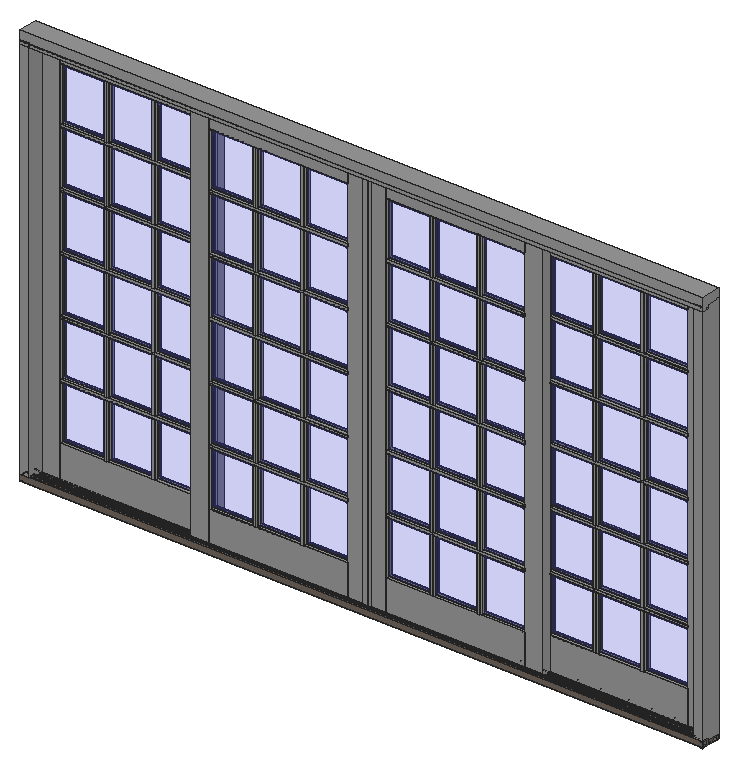
Revit family "VSDA3.6SPCO", category Doors, host Wall, Revit 2015 (continued)
Automatic sketch dimensions
  Sweep 22 sketch curve to Sweep 22 sketch curve = 284 mm
  Sweep 22 sketch curve to profile plane = 0 mm
  Sweep 22 sketch curve to profile plane = 0.241 mm
  Sweep 22 sketch curve to Sweep 22 sketch curve = 6.759 mm
  Sweep 22 sketch curve to Sweep 22 sketch curve = 2 mm  (x2)
  Sweep 22 sketch curve to profile plane = 132.5 mm
  Sweep 22 sketch curve to Sweep 22 sketch curve = 6 mm
  Sweep 23 sketch curve to plane 3 "Left" = 620.333 mm
  Sweep 23 sketch curve to Sweep 23 sketch curve = 233.167 mm
  plane 5 to Sweep 23 sketch curve = 735 mm
  Sweep 23 sketch curve to Sweep 23 sketch curve = 284 mm
  Sweep 23 sketch curve to profile plane = 0 mm
  Sweep 23 sketch curve to profile plane = 0.241 mm
  Sweep 23 sketch curve to Sweep 23 sketch curve = 6.759 mm
  Sweep 23 sketch curve to Sweep 23 sketch curve = 2 mm  (x2)
  Sweep 23 sketch curve to profile plane = 132.5 mm
  Sweep 23 sketch curve to Sweep 23 sketch curve = 6 mm
  Sweep 24 sketch curve to plane 3 "Left" = 866.5 mm
  Sweep 24 sketch curve to Sweep 24 sketch curve = 233.167 mm
  plane 5 to Sweep 24 sketch curve = 735 mm
  Sweep 24 sketch curve to Sweep 24 sketch curve = 284 mm
  Sweep 24 sketch curve to profile plane = 0 mm
  Sweep 24 sketch curve to profile plane = 0.241 mm
  Sweep 24 sketch curve to Sweep 24 sketch curve = 6.759 mm
  Sweep 24 sketch curve to Sweep 24 sketch curve = 2 mm  (x2)
  Sweep 24 sketch curve to profile plane = 132.5 mm
  Sweep 24 sketch curve to Sweep 24 sketch curve = 6 mm
  Sweep 25 sketch curve to plane 3 "Left" = 374.167 mm
  Sweep 25 sketch curve to plane 3 "Left" = 141 mm
  plane 5 to Sweep 25 sketch curve = 1032 mm
  Sweep 25 sketch curve to Sweep 25 sketch curve = 284 mm
  Sweep 25 sketch curve to profile plane = 0 mm
  Sweep 25 sketch curve to profile plane = 0.241 mm
  Sweep 25 sketch curve to Sweep 25 sketch curve = 6.759 mm
  Sweep 25 sketch curve to Sweep 25 sketch curve = 2 mm  (x2)
  Sweep 25 sketch curve to profile plane = 132.5 mm
  Sweep 25 sketch curve to Sweep 25 sketch curve = 6 mm
  Sweep 26 sketch curve to plane 3 "Left" = 620.333 mm
  Sweep 26 sketch curve to Sweep 26 sketch curve = 233.167 mm
  plane 5 to Sweep 26 sketch curve = 1032 mm
  Sweep 26 sketch curve to Sweep 26 sketch curve = 284 mm
  Sweep 26 sketch curve to profile plane = 0 mm
  Sweep 26 sketch curve to profile plane = 0.241 mm
  Sweep 26 sketch curve to Sweep 26 sketch curve = 6.759 mm
  Sweep 26 sketch curve to Sweep 26 sketch curve = 2 mm  (x2)
  Sweep 26 sketch curve to profile plane = 132.5 mm
  Sweep 26 sketch curve to Sweep 26 sketch curve = 6 mm
  Sweep 27 sketch curve to plane 3 "Left" = 866.5 mm
  Sweep 27 sketch curve to Sweep 27 sketch curve = 233.167 mm
  plane 5 to Sweep 27 sketch curve = 1032 mm
  Sweep 27 sketch curve to Sweep 27 sketch curve = 284 mm
  Sweep 27 sketch curve to profile plane = 0 mm
  Sweep 27 sketch curve to profile plane = 0.241 mm
  Sweep 27 sketch curve to Sweep 27 sketch curve = 6.759 mm
  Sweep 27 sketch curve to Sweep 27 sketch curve = 2 mm  (x2)
  Sweep 27 sketch curve to profile plane = 132.5 mm
  Sweep 27 sketch curve to Sweep 27 sketch curve = 6 mm
  Sweep 28 sketch curve to plane 3 "Left" = 374.167 mm
  Sweep 28 sketch curve to plane 3 "Left" = 141 mm
  level to Sweep 28 sketch curve = 771 mm
  Sweep 28 sketch curve to Sweep 28 sketch curve = 284 mm
  Sweep 28 sketch curve to profile plane = 0 mm
  Sweep 28 sketch curve to profile plane = 0.241 mm
  Sweep 28 sketch curve to Sweep 28 sketch curve = 6.759 mm
  Sweep 28 sketch curve to Sweep 28 sketch curve = 2 mm  (x2)
  Sweep 28 sketch curve to profile plane = 132.5 mm
  Sweep 28 sketch curve to Sweep 28 sketch curve = 6 mm
  Sweep 29 sketch curve to plane 3 "Left" = 620.333 mm
  Sweep 29 sketch curve to Sweep 29 sketch curve = 233.167 mm
  level to Sweep 29 sketch curve = 771 mm
  Sweep 29 sketch curve to Sweep 29 sketch curve = 284 mm
  Sweep 29 sketch curve to profile plane = 0 mm
  Sweep 29 sketch curve to profile plane = 0.241 mm
  Sweep 29 sketch curve to Sweep 29 sketch curve = 6.759 mm
  Sweep 29 sketch curve to Sweep 29 sketch curve = 2 mm  (x2)
  Sweep 29 sketch curve to profile plane = 132.5 mm
  Sweep 29 sketch curve to Sweep 29 sketch curve = 6 mm
  Sweep 30 sketch curve to plane 3 "Left" = 866.5 mm
  Sweep 30 sketch curve to Sweep 30 sketch curve = 233.167 mm
  level to Sweep 30 sketch curve = 771 mm
  Sweep 30 sketch curve to Sweep 30 sketch curve = 284 mm
  Sweep 30 sketch curve to profile plane = 0 mm
  Sweep 30 sketch curve to profile plane = 0.241 mm
  Sweep 30 sketch curve to Sweep 30 sketch curve = 6.759 mm
  Sweep 30 sketch curve to Sweep 30 sketch curve = 2 mm  (x2)
  Sweep 30 sketch curve to profile plane = 132.5 mm
  Sweep 30 sketch curve to Sweep 30 sketch curve = 6 mm
  Sweep 31 sketch curve to plane 3 "Left" = 374.167 mm
  Sweep 31 sketch curve to plane 3 "Left" = 141 mm
  level to Sweep 31 sketch curve = 474 mm
  level to Sweep 31 sketch curve = 190 mm
  Sweep 31 sketch curve to profile plane = 0 mm
  Sweep 31 sketch curve to profile plane = 0.241 mm
  Sweep 31 sketch curve to Sweep 31 sketch curve = 6.759 mm
  Sweep 31 sketch curve to Sweep 31 sketch curve = 2 mm  (x2)
  Sweep 31 sketch curve to profile plane = 132.5 mm
  Sweep 31 sketch curve to Sweep 31 sketch curve = 6 mm
  level to Sweep 32 sketch curve = 190 mm
  Sweep 32 sketch curve to plane 3 "Left" = 620.333 mm
  Sweep 32 sketch curve to Sweep 32 sketch curve = 233.167 mm
  Sweep 32 sketch curve to Sweep 32 sketch curve = 284 mm
  Sweep 32 sketch curve to profile plane = 0 mm
  Sweep 32 sketch curve to profile plane = 0.241 mm
  Sweep 32 sketch curve to Sweep 32 sketch curve = 6.759 mm
  Sweep 32 sketch curve to Sweep 32 sketch curve = 2 mm  (x2)
  Sweep 32 sketch curve to profile plane = 132.5 mm
  Sweep 32 sketch curve to Sweep 32 sketch curve = 6 mm
  level to Sweep 33 sketch curve = 190 mm
  Sweep 33 sketch curve to plane 3 "Left" = 866.5 mm
  Sweep 33 sketch curve to Sweep 33 sketch curve = 233.167 mm
  Sweep 33 sketch curve to Sweep 33 sketch curve = 284 mm
  Sweep 33 sketch curve to profile plane = 0 mm
  Sweep 33 sketch curve to profile plane = 0.241 mm
  Sweep 33 sketch curve to Sweep 33 sketch curve = 6.759 mm
  Sweep 33 sketch curve to Sweep 33 sketch curve = 2 mm  (x2)
  Sweep 33 sketch curve to profile plane = 132.5 mm
  Sweep 33 sketch curve to Sweep 33 sketch curve = 6 mm
  host wall to Extrusion 34 sketch curve = 15.5 mm  (x7)
  Extrusion 34 sketch curve to Extrusion 34 sketch curve = 2 mm  (x28)
  host wall to Extrusion 34 sketch curve = 7.5 mm  (x12)
  host wall to Extrusion 34 sketch curve = 6.697 mm  (x12)
  Extrusion 34 sketch curve to Extrusion 34 sketch curve = 1.197 mm  (x8)
  Extrusion 34 sketch curve to host wall = 24.5 mm  (x7)
  plane 5 to Extrusion 34 sketch curve = 45 mm
  Extrusion 34 sketch curve to Extrusion 34 sketch curve = 96 mm
  Extrusion 34 sketch curve to Extrusion 34 sketch curve = 0 mm  (x6)
  Extrusion 34 sketch curve to Extrusion 34 sketch curve = 0.241 mm  (x12)
  Extrusion 34 sketch curve to Extrusion 34 sketch curve = 266 mm  (x5)
  Extrusion 34 sketch curve to Extrusion 34 sketch curve = 6.759 mm  (x6)
  Extrusion 34 sketch curve to Extrusion 34 sketch curve = 13 mm  (x5)
  level to Extrusion 34 sketch curve = 199 mm
  level to Extrusion 34 sketch curve = 19 mm
  Extrusion 35 sketch curve to plane 2 "Center (Left/Right)" = 98 mm  (x2)
  Extrusion 35 sketch curve to Extrusion 35 sketch curve = 0 mm  (x32)
  Extrusion 35 sketch curve to Extrusion 35 sketch curve = 232.49 mm  (x3)
  Extrusion 35 sketch curve to Extrusion 35 sketch curve = 232.5 mm  (x5)
  Extrusion 35 sketch curve to Extrusion 35 sketch curve = 13 mm  (x19)
  Extrusion 35 sketch curve to Extrusion 35 sketch curve = 13.01 mm  (x2)
  plane 5 to Extrusion 35 sketch curve = 141 mm  (x2)
  Extrusion 35 sketch curve to Extrusion 35 sketch curve = 284 mm  (x6)
  level to Extrusion 35 sketch curve = 190.011 mm
  host wall to Extrusion 36 sketch curve = 7.5 mm
  Extrusion 36 sketch curve to plane 2 "Center (Left/Right)" = 321.5 mm
  Extrusion 36 sketch curve to Extrusion 36 sketch curve = 2 mm  (x10)
  Extrusion 36 sketch curve to Extrusion 36 sketch curve = 6.759 mm  (x4)
  Extrusion 36 sketch curve to Extrusion 36 sketch curve = 0.241 mm  (x6)
  Extrusion 36 sketch curve to Extrusion 36 sketch curve = 13 mm  (x3)
  Extrusion 36 sketch curve to Extrusion 36 sketch curve = 0 mm
  host wall to Extrusion 36 sketch curve = 5.5 mm  (x3)
  Extrusion 36 sketch curve to Extrusion 36 sketch curve = 214.5 mm
  Extrusion 36 sketch curve to host wall = 24.5 mm  (x2)
  Extrusion 36 sketch curve to Extrusion 36 sketch curve = 1.197 mm  (x4)
  Sweep 37 sketch curve to plane 2 "Center (Left/Right)" = 98 mm
  Sweep 37 sketch curve to Sweep 37 sketch curve = 232.5 mm
  plane 5 to Sweep 37 sketch curve = 141 mm
  Sweep 37 sketch curve to Sweep 37 sketch curve = 284 mm
  Sweep 37 sketch curve to profile plane = 0 mm
  Sweep 37 sketch curve to profile plane = 0.241 mm
  Sweep 37 sketch curve to Sweep 37 sketch curve = 6.759 mm
  Sweep 37 sketch curve to Sweep 37 sketch curve = 2 mm  (x2)
  Sweep 37 sketch curve to profile plane = 132.5 mm
  Sweep 37 sketch curve to Sweep 37 sketch curve = 6 mm
  Sweep 38 sketch curve to plane 2 "Center (Left/Right)" = 343.5 mm
  Sweep 38 sketch curve to Sweep 38 sketch curve = 232.5 mm
  plane 5 to Sweep 38 sketch curve = 141 mm
  Sweep 38 sketch curve to Sweep 38 sketch curve = 284 mm
  Sweep 38 sketch curve to profile plane = 0 mm
  Sweep 38 sketch curve to profile plane = 0.241 mm
  Sweep 38 sketch curve to Sweep 38 sketch curve = 6.759 mm
  Sweep 38 sketch curve to Sweep 38 sketch curve = 2 mm  (x2)
  Sweep 38 sketch curve to profile plane = 132.5 mm
  Sweep 38 sketch curve to Sweep 38 sketch curve = 6 mm
  Sweep 39 sketch curve to plane 2 "Center (Left/Right)" = 589 mm
  Sweep 39 sketch curve to Sweep 39 sketch curve = 232.5 mm
  plane 5 to Sweep 39 sketch curve = 141 mm
  Sweep 39 sketch curve to Sweep 39 sketch curve = 284 mm
  Sweep 39 sketch curve to profile plane = 0 mm
  Sweep 39 sketch curve to profile plane = 0.241 mm
  Sweep 39 sketch curve to Sweep 39 sketch curve = 6.759 mm
  Sweep 39 sketch curve to Sweep 39 sketch curve = 2 mm  (x2)
  Sweep 39 sketch curve to profile plane = 132.5 mm
  Sweep 39 sketch curve to Sweep 39 sketch curve = 6 mm
  host wall to Extrusion 40 sketch curve = 7.5 mm
  Extrusion 40 sketch curve to plane 2 "Center (Left/Right)" = 321.5 mm
  Extrusion 40 sketch curve to Extrusion 40 sketch curve = 2 mm  (x10)
  Extrusion 40 sketch curve to Extrusion 40 sketch curve = 6.759 mm  (x4)
  Extrusion 40 sketch curve to Extrusion 40 sketch curve = 0.241 mm  (x6)
  Extrusion 40 sketch curve to Extrusion 40 sketch curve = 13 mm  (x3)
  Extrusion 40 sketch curve to Extrusion 40 sketch curve = 0 mm
  host wall to Extrusion 40 sketch curve = 5.5 mm  (x3)
  Extrusion 40 sketch curve to Extrusion 40 sketch curve = 214.5 mm
  Extrusion 40 sketch curve to host wall = 24.5 mm  (x2)
  Extrusion 40 sketch curve to Extrusion 40 sketch curve = 1.197 mm  (x4)
  Sweep 41 sketch curve to plane 2 "Center (Left/Right)" = 98 mm
  Sweep 41 sketch curve to Sweep 41 sketch curve = 232.5 mm
  plane 5 to Sweep 41 sketch curve = 438 mm
  Sweep 41 sketch curve to Sweep 41 sketch curve = 284 mm
  Sweep 41 sketch curve to profile plane = 0 mm
  Sweep 41 sketch curve to profile plane = 0.241 mm
  Sweep 41 sketch curve to Sweep 41 sketch curve = 6.759 mm
  Sweep 41 sketch curve to Sweep 41 sketch curve = 2 mm  (x2)
  Sweep 41 sketch curve to profile plane = 132.5 mm
  Sweep 41 sketch curve to Sweep 41 sketch curve = 6 mm
  Sweep 42 sketch curve to plane 2 "Center (Left/Right)" = 343.5 mm
  Sweep 42 sketch curve to Sweep 42 sketch curve = 232.5 mm
  plane 5 to Sweep 42 sketch curve = 438 mm
  Sweep 42 sketch curve to Sweep 42 sketch curve = 284 mm
  Sweep 42 sketch curve to profile plane = 0 mm
  Sweep 42 sketch curve to profile plane = 0.241 mm
  Sweep 42 sketch curve to Sweep 42 sketch curve = 6.759 mm
  Sweep 42 sketch curve to Sweep 42 sketch curve = 2 mm  (x2)
  Sweep 42 sketch curve to profile plane = 132.5 mm
  Sweep 42 sketch curve to Sweep 42 sketch curve = 6 mm
  Sweep 43 sketch curve to plane 2 "Center (Left/Right)" = 589 mm
  Sweep 43 sketch curve to Sweep 43 sketch curve = 232.5 mm
  plane 5 to Sweep 43 sketch curve = 438 mm
  Sweep 43 sketch curve to Sweep 43 sketch curve = 284 mm
  Sweep 43 sketch curve to profile plane = 0 mm
  Sweep 43 sketch curve to profile plane = 0.241 mm
  Sweep 43 sketch curve to Sweep 43 sketch curve = 6.759 mm
  Sweep 43 sketch curve to Sweep 43 sketch curve = 2 mm  (x2)
  Sweep 43 sketch curve to profile plane = 132.5 mm
  Sweep 43 sketch curve to Sweep 43 sketch curve = 6 mm
  host wall to Extrusion 44 sketch curve = 7.5 mm
  Extrusion 44 sketch curve to plane 2 "Center (Left/Right)" = 321.5 mm
  Extrusion 44 sketch curve to Extrusion 44 sketch curve = 2 mm  (x10)
  Extrusion 44 sketch curve to Extrusion 44 sketch curve = 6.759 mm  (x4)
  Extrusion 44 sketch curve to Extrusion 44 sketch curve = 0.241 mm  (x6)
  Extrusion 44 sketch curve to Extrusion 44 sketch curve = 13 mm  (x3)
  Extrusion 44 sketch curve to Extrusion 44 sketch curve = 0 mm
  host wall to Extrusion 44 sketch curve = 5.5 mm  (x3)
  Extrusion 44 sketch curve to Extrusion 44 sketch curve = 214.5 mm
  Extrusion 44 sketch curve to host wall = 24.5 mm  (x2)
  Extrusion 44 sketch curve to Extrusion 44 sketch curve = 1.197 mm  (x4)
  Sweep 45 sketch curve to plane 2 "Center (Left/Right)" = 98 mm
  Sweep 45 sketch curve to Sweep 45 sketch curve = 232.5 mm
  plane 5 to Sweep 45 sketch curve = 735 mm
  Sweep 45 sketch curve to Sweep 45 sketch curve = 284 mm
  Sweep 45 sketch curve to profile plane = 0 mm
  Sweep 45 sketch curve to profile plane = 0.241 mm
  Sweep 45 sketch curve to Sweep 45 sketch curve = 6.759 mm
  Sweep 45 sketch curve to Sweep 45 sketch curve = 2 mm  (x2)
  Sweep 45 sketch curve to profile plane = 132.5 mm
  Sweep 45 sketch curve to Sweep 45 sketch curve = 6 mm
  Sweep 46 sketch curve to plane 2 "Center (Left/Right)" = 343.5 mm
  Sweep 46 sketch curve to Sweep 46 sketch curve = 232.5 mm
  plane 5 to Sweep 46 sketch curve = 735 mm
  Sweep 46 sketch curve to Sweep 46 sketch curve = 284 mm
  Sweep 46 sketch curve to profile plane = 0 mm
  Sweep 46 sketch curve to profile plane = 0.241 mm
  Sweep 46 sketch curve to Sweep 46 sketch curve = 6.759 mm
  Sweep 46 sketch curve to Sweep 46 sketch curve = 2 mm  (x2)
  Sweep 46 sketch curve to profile plane = 132.5 mm
  Sweep 46 sketch curve to Sweep 46 sketch curve = 6 mm
  Sweep 47 sketch curve to plane 2 "Center (Left/Right)" = 589 mm
  Sweep 47 sketch curve to Sweep 47 sketch curve = 232.5 mm
  plane 5 to Sweep 47 sketch curve = 735 mm
  Sweep 47 sketch curve to Sweep 47 sketch curve = 284 mm
  Sweep 47 sketch curve to profile plane = 0 mm
  Sweep 47 sketch curve to profile plane = 0.241 mm
  Sweep 47 sketch curve to Sweep 47 sketch curve = 6.759 mm
  Sweep 47 sketch curve to Sweep 47 sketch curve = 2 mm  (x2)
  Sweep 47 sketch curve to profile plane = 132.5 mm
  Sweep 47 sketch curve to Sweep 47 sketch curve = 6 mm
  host wall to Extrusion 48 sketch curve = 7.5 mm
  Extrusion 48 sketch curve to plane 2 "Center (Left/Right)" = 321.5 mm
  Extrusion 48 sketch curve to Extrusion 48 sketch curve = 2 mm  (x10)
  Extrusion 48 sketch curve to Extrusion 48 sketch curve = 6.759 mm  (x4)
  Extrusion 48 sketch curve to Extrusion 48 sketch curve = 0.241 mm  (x6)
  Extrusion 48 sketch curve to Extrusion 48 sketch curve = 13 mm  (x3)
  Extrusion 48 sketch curve to Extrusion 48 sketch curve = 0 mm
  host wall to Extrusion 48 sketch curve = 5.5 mm  (x3)
  Extrusion 48 sketch curve to Extrusion 48 sketch curve = 214.5 mm
  Extrusion 48 sketch curve to host wall = 24.5 mm  (x2)
  Extrusion 48 sketch curve to Extrusion 48 sketch curve = 1.197 mm  (x4)
  Sweep 49 sketch curve to plane 2 "Center (Left/Right)" = 98 mm
  Sweep 49 sketch curve to Sweep 49 sketch curve = 232.5 mm
  plane 5 to Sweep 49 sketch curve = 1032 mm
  Sweep 49 sketch curve to Sweep 49 sketch curve = 284 mm
  Sweep 49 sketch curve to profile plane = 0 mm
  Sweep 49 sketch curve to profile plane = 0.241 mm
  Sweep 49 sketch curve to Sweep 49 sketch curve = 6.759 mm
  Sweep 49 sketch curve to Sweep 49 sketch curve = 2 mm  (x2)
  Sweep 49 sketch curve to profile plane = 132.5 mm
  Sweep 49 sketch curve to Sweep 49 sketch curve = 6 mm
  Sweep 50 sketch curve to plane 2 "Center (Left/Right)" = 343.5 mm
  Sweep 50 sketch curve to Sweep 50 sketch curve = 232.5 mm
  plane 5 to Sweep 50 sketch curve = 1032 mm
  Sweep 50 sketch curve to Sweep 50 sketch curve = 284 mm
  Sweep 50 sketch curve to profile plane = 0 mm
  Sweep 50 sketch curve to profile plane = 0.241 mm
  Sweep 50 sketch curve to Sweep 50 sketch curve = 6.759 mm
  Sweep 50 sketch curve to Sweep 50 sketch curve = 2 mm  (x2)
  Sweep 50 sketch curve to profile plane = 132.5 mm
  Sweep 50 sketch curve to Sweep 50 sketch curve = 6 mm
  Sweep 51 sketch curve to plane 2 "Center (Left/Right)" = 589 mm
  Sweep 51 sketch curve to Sweep 51 sketch curve = 232.5 mm
  plane 5 to Sweep 51 sketch curve = 1032 mm
  Sweep 51 sketch curve to Sweep 51 sketch curve = 284 mm
  Sweep 51 sketch curve to profile plane = 0 mm
  Sweep 51 sketch curve to profile plane = 0.241 mm
  Sweep 51 sketch curve to Sweep 51 sketch curve = 6.759 mm
  Sweep 51 sketch curve to Sweep 51 sketch curve = 2 mm  (x2)
  Sweep 51 sketch curve to profile plane = 132.5 mm
  Sweep 51 sketch curve to Sweep 51 sketch curve = 6 mm
  host wall to Extrusion 52 sketch curve = 7.5 mm
  Extrusion 52 sketch curve to plane 2 "Center (Left/Right)" = 321.5 mm
  Extrusion 52 sketch curve to Extrusion 52 sketch curve = 2 mm  (x10)
  Extrusion 52 sketch curve to Extrusion 52 sketch curve = 6.759 mm  (x4)
  Extrusion 52 sketch curve to Extrusion 52 sketch curve = 0.241 mm  (x6)
  Extrusion 52 sketch curve to Extrusion 52 sketch curve = 13 mm  (x3)
  Extrusion 52 sketch curve to Extrusion 52 sketch curve = 0 mm
  host wall to Extrusion 52 sketch curve = 5.5 mm  (x3)
  Extrusion 52 sketch curve to Extrusion 52 sketch curve = 214.5 mm
  Extrusion 52 sketch curve to host wall = 24.5 mm  (x2)
  Extrusion 52 sketch curve to Extrusion 52 sketch curve = 1.197 mm  (x4)
  Sweep 53 sketch curve to plane 2 "Center (Left/Right)" = 98 mm
  Sweep 53 sketch curve to Sweep 53 sketch curve = 232.5 mm
  level to Sweep 53 sketch curve = 771 mm
  Sweep 53 sketch curve to Sweep 53 sketch curve = 284 mm
  Sweep 53 sketch curve to profile plane = 0 mm
  Sweep 53 sketch curve to profile plane = 0.241 mm
  Sweep 53 sketch curve to Sweep 53 sketch curve = 6.759 mm
  Sweep 53 sketch curve to Sweep 53 sketch curve = 2 mm  (x2)
  Sweep 53 sketch curve to profile plane = 132.5 mm
  Sweep 53 sketch curve to Sweep 53 sketch curve = 6 mm
  Sweep 54 sketch curve to plane 2 "Center (Left/Right)" = 343.5 mm
  Sweep 54 sketch curve to Sweep 54 sketch curve = 232.5 mm
  level to Sweep 54 sketch curve = 771 mm
  Sweep 54 sketch curve to Sweep 54 sketch curve = 284 mm
  Sweep 54 sketch curve to profile plane = 0 mm
  Sweep 54 sketch curve to profile plane = 0.241 mm
  Sweep 54 sketch curve to Sweep 54 sketch curve = 6.759 mm
  Sweep 54 sketch curve to Sweep 54 sketch curve = 2 mm  (x2)
  Sweep 54 sketch curve to profile plane = 132.5 mm
  Sweep 54 sketch curve to Sweep 54 sketch curve = 6 mm
  Sweep 55 sketch curve to plane 2 "Center (Left/Right)" = 589 mm
  Sweep 55 sketch curve to Sweep 55 sketch curve = 232.5 mm
  level to Sweep 55 sketch curve = 771 mm
  Sweep 55 sketch curve to Sweep 55 sketch curve = 284 mm
  Sweep 55 sketch curve to profile plane = 0 mm
  Sweep 55 sketch curve to profile plane = 0.241 mm
  Sweep 55 sketch curve to Sweep 55 sketch curve = 6.759 mm
  Sweep 55 sketch curve to Sweep 55 sketch curve = 2 mm  (x2)
  Sweep 55 sketch curve to profile plane = 132.5 mm
  Sweep 55 sketch curve to Sweep 55 sketch curve = 6 mm
  host wall to Extrusion 56 sketch curve = 7.5 mm
  Extrusion 56 sketch curve to plane 2 "Center (Left/Right)" = 321.5 mm
  Extrusion 56 sketch curve to Extrusion 56 sketch curve = 2 mm  (x10)
  Extrusion 56 sketch curve to Extrusion 56 sketch curve = 6.759 mm  (x4)
  Extrusion 56 sketch curve to Extrusion 56 sketch curve = 0.241 mm  (x6)
  Extrusion 56 sketch curve to Extrusion 56 sketch curve = 13 mm  (x3)
  Extrusion 56 sketch curve to Extrusion 56 sketch curve = 0 mm
  host wall to Extrusion 56 sketch curve = 5.5 mm  (x3)
  Extrusion 56 sketch curve to Extrusion 56 sketch curve = 214.5 mm
  Extrusion 56 sketch curve to host wall = 24.5 mm  (x2)
  Extrusion 56 sketch curve to Extrusion 56 sketch curve = 1.197 mm  (x4)
  Sweep 57 sketch curve to plane 2 "Center (Left/Right)" = 98 mm
  Sweep 57 sketch curve to Sweep 57 sketch curve = 232.5 mm
  level to Sweep 57 sketch curve = 474 mm
  level to Sweep 57 sketch curve = 190 mm
  Sweep 57 sketch curve to profile plane = 0 mm
  Sweep 57 sketch curve to profile plane = 0.241 mm
  Sweep 57 sketch curve to Sweep 57 sketch curve = 6.759 mm
  Sweep 57 sketch curve to Sweep 57 sketch curve = 2 mm  (x2)
  Sweep 57 sketch curve to profile plane = 132.5 mm
  Sweep 57 sketch curve to Sweep 57 sketch curve = 6 mm
  Sweep 58 sketch curve to plane 2 "Center (Left/Right)" = 343.5 mm
  Sweep 58 sketch curve to Sweep 58 sketch curve = 232.5 mm
  level to Sweep 58 sketch curve = 474 mm
  level to Sweep 58 sketch curve = 190 mm
  Sweep 58 sketch curve to profile plane = 0 mm
  Sweep 58 sketch curve to profile plane = 0.241 mm
  Sweep 58 sketch curve to Sweep 58 sketch curve = 6.759 mm
  Sweep 58 sketch curve to Sweep 58 sketch curve = 2 mm  (x2)
  Sweep 58 sketch curve to profile plane = 132.5 mm
  Sweep 58 sketch curve to Sweep 58 sketch curve = 6 mm
  level to Sweep 59 sketch curve = 190 mm
  Sweep 59 sketch curve to plane 2 "Center (Left/Right)" = 589 mm
  Sweep 59 sketch curve to Sweep 59 sketch curve = 232.5 mm
  Sweep 59 sketch curve to Sweep 59 sketch curve = 284 mm
  Sweep 59 sketch curve to profile plane = 0 mm
  Sweep 59 sketch curve to profile plane = 0.241 mm
  Sweep 59 sketch curve to Sweep 59 sketch curve = 6.759 mm
  Sweep 59 sketch curve to Sweep 59 sketch curve = 2 mm  (x2)
  Sweep 59 sketch curve to profile plane = 132.5 mm
  Sweep 59 sketch curve to Sweep 59 sketch curve = 6 mm
  Extrusion 60 sketch curve to host wall = 31 mm  (x7)
  Extrusion 60 sketch curve to Extrusion 60 sketch curve = 2 mm  (x28)
  Extrusion 60 sketch curve to Extrusion 60 sketch curve = 6 mm  (x12)
  Extrusion 60 sketch curve to Extrusion 60 sketch curve = 0.803 mm  (x8)
  Extrusion 60 sketch curve to Extrusion 60 sketch curve = 6.803 mm  (x4)
  Extrusion 60 sketch curve to Extrusion 60 sketch curve = 1.197 mm  (x8)
  Extrusion 60 sketch curve to host wall = 4 mm  (x7)
  level to Extrusion 60 sketch curve = 19 mm
  Extrusion 60 sketch curve to Extrusion 60 sketch curve = 171 mm
  Extrusion 60 sketch curve to Extrusion 60 sketch curve = 0 mm  (x4)
  Extrusion 60 sketch curve to Extrusion 60 sketch curve = 0.241 mm  (x12)
  Extrusion 60 sketch curve to Extrusion 60 sketch curve = 266 mm  (x5)
  Extrusion 60 sketch curve to Extrusion 60 sketch curve = 6.759 mm  (x6)
  Extrusion 60 sketch curve to Extrusion 60 sketch curve = 13 mm  (x7)
  plane 5 to Extrusion 60 sketch curve = 150 mm
  plane 5 to Extrusion 60 sketch curve = 45 mm
  plane 4 "Right" to Sweep 61 sketch curve = 374.167 mm
  plane 4 "Right" to Sweep 61 sketch curve = 141 mm
  Sweep 61 sketch curve to Sweep 61 sketch curve = 284 mm
  profile plane to Sweep 61 sketch curve = 0 mm
  profile plane to Sweep 61 sketch curve = 0.241 mm
  Sweep 61 sketch curve to Sweep 61 sketch curve = 6.759 mm
  Sweep 61 sketch curve to Sweep 61 sketch curve = 2 mm  (x2)
  Sweep 61 sketch curve to profile plane = 132.5 mm
  Sweep 61 sketch curve to Sweep 61 sketch curve = 6 mm
  level to Extrusion 62 sketch curve = 190 mm  (x3)
  plane 4 "Right" to Extrusion 62 sketch curve = 866.5 mm
  Extrusion 62 sketch curve to Extrusion 62 sketch curve = 0 mm  (x24)
  plane 5 to Extrusion 62 sketch curve = 141 mm
  Extrusion 62 sketch curve to Extrusion 62 sketch curve = 233.167 mm  (x6)
  Extrusion 62 sketch curve to Extrusion 62 sketch curve = 13 mm  (x19)
  plane 4 "Right" to Extrusion 62 sketch curve = 141.01 mm  (x3)
  Extrusion 62 sketch curve to Extrusion 62 sketch curve = 283.988 mm  (x5)
  Extrusion 62 sketch curve to Extrusion 62 sketch curve = 0.012 mm  (x5)
  Extrusion 62 sketch curve to Extrusion 62 sketch curve = 13.012 mm  (x4)
  plane 5 to Extrusion 62 sketch curve = 141.012 mm
  Extrusion 63 sketch curve to host wall = 34 mm  (x2)
  plane 4 "Right" to Extrusion 63 sketch curve = 642.333 mm
  Extrusion 63 sketch curve to Extrusion 63 sketch curve = 2 mm  (x9)
  Extrusion 63 sketch curve to Extrusion 63 sketch curve = 6.759 mm  (x4)
  Extrusion 63 sketch curve to Extrusion 63 sketch curve = 0.241 mm  (x6)
  Extrusion 63 sketch curve to host wall = 4 mm  (x2)
  Extrusion 63 sketch curve to Extrusion 63 sketch curve = 13 mm  (x3)
  Extrusion 63 sketch curve to Extrusion 63 sketch curve = 215.167 mm
  Extrusion 63 sketch curve to Extrusion 63 sketch curve = 0 mm  (x2)
  Extrusion 63 sketch curve to Extrusion 63 sketch curve = 1.197 mm  (x5)
  Extrusion 63 sketch curve to Extrusion 63 sketch curve = 0.803 mm
  Extrusion 64 sketch curve to host wall = 34 mm  (x2)
  plane 4 "Right" to Extrusion 64 sketch curve = 642.333 mm
  Extrusion 64 sketch curve to Extrusion 64 sketch curve = 2 mm  (x9)
  Extrusion 64 sketch curve to Extrusion 64 sketch curve = 6.759 mm  (x4)
  Extrusion 64 sketch curve to Extrusion 64 sketch curve = 0.241 mm  (x6)
  Extrusion 64 sketch curve to host wall = 4 mm  (x2)
  Extrusion 64 sketch curve to Extrusion 64 sketch curve = 13 mm  (x3)
  Extrusion 64 sketch curve to Extrusion 64 sketch curve = 215.167 mm
  Extrusion 64 sketch curve to Extrusion 64 sketch curve = 0 mm  (x2)
  Extrusion 64 sketch curve to Extrusion 64 sketch curve = 1.197 mm  (x5)
  Extrusion 64 sketch curve to Extrusion 64 sketch curve = 0.803 mm
  Extrusion 65 sketch curve to host wall = 34 mm  (x2)
  plane 4 "Right" to Extrusion 65 sketch curve = 642.333 mm
  Extrusion 65 sketch curve to Extrusion 65 sketch curve = 2 mm  (x9)
  Extrusion 65 sketch curve to Extrusion 65 sketch curve = 6.759 mm  (x4)
  Extrusion 65 sketch curve to Extrusion 65 sketch curve = 0.241 mm  (x6)
  Extrusion 65 sketch curve to host wall = 4 mm  (x2)
  Extrusion 65 sketch curve to Extrusion 65 sketch curve = 13 mm  (x3)
  Extrusion 65 sketch curve to Extrusion 65 sketch curve = 215.167 mm
  Extrusion 65 sketch curve to Extrusion 65 sketch curve = 0 mm  (x2)
  Extrusion 65 sketch curve to Extrusion 65 sketch curve = 1.197 mm  (x5)
  Extrusion 65 sketch curve to Extrusion 65 sketch curve = 0.803 mm
  Extrusion 66 sketch curve to host wall = 34 mm  (x2)
  plane 4 "Right" to Extrusion 66 sketch curve = 642.333 mm
  Extrusion 66 sketch curve to Extrusion 66 sketch curve = 2 mm  (x9)
  Extrusion 66 sketch curve to Extrusion 66 sketch curve = 6.759 mm  (x4)
  Extrusion 66 sketch curve to Extrusion 66 sketch curve = 0.241 mm  (x6)
  Extrusion 66 sketch curve to host wall = 4 mm  (x2)
  Extrusion 66 sketch curve to Extrusion 66 sketch curve = 13 mm  (x3)
  Extrusion 66 sketch curve to Extrusion 66 sketch curve = 215.167 mm
  Extrusion 66 sketch curve to Extrusion 66 sketch curve = 0 mm  (x2)
  Extrusion 66 sketch curve to Extrusion 66 sketch curve = 1.197 mm  (x5)
  Extrusion 66 sketch curve to Extrusion 66 sketch curve = 0.803 mm
  Extrusion 67 sketch curve to host wall = 34 mm  (x2)
  plane 4 "Right" to Extrusion 67 sketch curve = 642.333 mm
  Extrusion 67 sketch curve to Extrusion 67 sketch curve = 2 mm  (x9)
  Extrusion 67 sketch curve to Extrusion 67 sketch curve = 6.759 mm  (x4)
  Extrusion 67 sketch curve to Extrusion 67 sketch curve = 0.241 mm  (x6)
  Extrusion 67 sketch curve to host wall = 4 mm  (x2)
  Extrusion 67 sketch curve to Extrusion 67 sketch curve = 13 mm  (x3)
  Extrusion 67 sketch curve to Extrusion 67 sketch curve = 215.167 mm
  Extrusion 67 sketch curve to Extrusion 67 sketch curve = 0 mm  (x2)
  Extrusion 67 sketch curve to Extrusion 67 sketch curve = 1.197 mm  (x5)
  Extrusion 67 sketch curve to Extrusion 67 sketch curve = 0.803 mm
  Extrusion 68 sketch curve to host wall = 34 mm  (x2)
  plane 4 "Right" to Extrusion 68 sketch curve = 642.333 mm
  Extrusion 68 sketch curve to Extrusion 68 sketch curve = 2 mm  (x9)
  Extrusion 68 sketch curve to Extrusion 68 sketch curve = 6.759 mm  (x4)
  Extrusion 68 sketch curve to Extrusion 68 sketch curve = 0.241 mm  (x6)
  Extrusion 68 sketch curve to host wall = 4 mm  (x2)
  Extrusion 68 sketch curve to Extrusion 68 sketch curve = 13 mm  (x3)
  Extrusion 68 sketch curve to Extrusion 68 sketch curve = 215.167 mm
  Extrusion 68 sketch curve to Extrusion 68 sketch curve = 0 mm  (x2)
  Extrusion 68 sketch curve to Extrusion 68 sketch curve = 1.197 mm  (x5)
  Extrusion 68 sketch curve to Extrusion 68 sketch curve = 0.803 mm
  plane 4 "Right" to Sweep 69 sketch curve = 620.333 mm
  Sweep 69 sketch curve to Sweep 69 sketch curve = 233.167 mm
  plane 5 to Sweep 69 sketch curve = 425 mm
  plane 5 to Sweep 69 sketch curve = 141 mm
  profile plane to Sweep 69 sketch curve = 0 mm
  profile plane to Sweep 69 sketch curve = 0.241 mm
  Sweep 69 sketch curve to Sweep 69 sketch curve = 6.759 mm
  Sweep 69 sketch curve to Sweep 69 sketch curve = 2 mm  (x2)
  Sweep 69 sketch curve to profile plane = 132.5 mm
  Sweep 69 sketch curve to Sweep 69 sketch curve = 6 mm
  plane 5 to Sweep 70 sketch curve = 425 mm
  plane 4 "Right" to Sweep 70 sketch curve = 866.5 mm
  Sweep 70 sketch curve to Sweep 70 sketch curve = 233.167 mm
  plane 5 to Sweep 70 sketch curve = 141 mm
  profile plane to Sweep 70 sketch curve = 0 mm
  profile plane to Sweep 70 sketch curve = 0.241 mm
  Sweep 70 sketch curve to Sweep 70 sketch curve = 6.759 mm
  Sweep 70 sketch curve to Sweep 70 sketch curve = 2 mm  (x2)
  Sweep 70 sketch curve to profile plane = 132.5 mm
  Sweep 70 sketch curve to Sweep 70 sketch curve = 6 mm
  plane 4 "Right" to Sweep 71 sketch curve = 374.167 mm
  plane 4 "Right" to Sweep 71 sketch curve = 141 mm
  plane 5 to Sweep 71 sketch curve = 722 mm
  Sweep 71 sketch curve to Sweep 71 sketch curve = 284 mm
  profile plane to Sweep 71 sketch curve = 0 mm
  profile plane to Sweep 71 sketch curve = 0.241 mm
  Sweep 71 sketch curve to Sweep 71 sketch curve = 6.759 mm
  Sweep 71 sketch curve to Sweep 71 sketch curve = 2 mm  (x2)
  Sweep 71 sketch curve to profile plane = 132.5 mm
  Sweep 71 sketch curve to Sweep 71 sketch curve = 6 mm
  plane 4 "Right" to Sweep 72 sketch curve = 620.333 mm
  Sweep 72 sketch curve to Sweep 72 sketch curve = 233.167 mm
  plane 5 to Sweep 72 sketch curve = 722 mm
  Sweep 72 sketch curve to Sweep 72 sketch curve = 284 mm
  profile plane to Sweep 72 sketch curve = 0 mm
  profile plane to Sweep 72 sketch curve = 0.241 mm
  Sweep 72 sketch curve to Sweep 72 sketch curve = 6.759 mm
  Sweep 72 sketch curve to Sweep 72 sketch curve = 2 mm  (x2)
  Sweep 72 sketch curve to profile plane = 132.5 mm
  Sweep 72 sketch curve to Sweep 72 sketch curve = 6 mm
  plane 4 "Right" to Sweep 73 sketch curve = 866.5 mm
  Sweep 73 sketch curve to Sweep 73 sketch curve = 233.167 mm
  plane 5 to Sweep 73 sketch curve = 722 mm
  Sweep 73 sketch curve to Sweep 73 sketch curve = 284 mm
  profile plane to Sweep 73 sketch curve = 0 mm
  profile plane to Sweep 73 sketch curve = 0.241 mm
  Sweep 73 sketch curve to Sweep 73 sketch curve = 6.759 mm
  Sweep 73 sketch curve to Sweep 73 sketch curve = 2 mm  (x2)
  Sweep 73 sketch curve to profile plane = 132.5 mm
  Sweep 73 sketch curve to Sweep 73 sketch curve = 6 mm
  plane 4 "Right" to Sweep 74 sketch curve = 374.167 mm
  plane 4 "Right" to Sweep 74 sketch curve = 141 mm
  plane 5 to Sweep 74 sketch curve = 1019 mm
  Sweep 74 sketch curve to Sweep 74 sketch curve = 284 mm
  profile plane to Sweep 74 sketch curve = 0 mm
  profile plane to Sweep 74 sketch curve = 0.241 mm
  Sweep 74 sketch curve to Sweep 74 sketch curve = 6.759 mm
  Sweep 74 sketch curve to Sweep 74 sketch curve = 2 mm  (x2)
  Sweep 74 sketch curve to profile plane = 132.5 mm
  Sweep 74 sketch curve to Sweep 74 sketch curve = 6 mm
  plane 4 "Right" to Sweep 75 sketch curve = 620.333 mm
  Sweep 75 sketch curve to Sweep 75 sketch curve = 233.167 mm
  plane 5 to Sweep 75 sketch curve = 1019 mm
  Sweep 75 sketch curve to Sweep 75 sketch curve = 284 mm
  profile plane to Sweep 75 sketch curve = 0 mm
  profile plane to Sweep 75 sketch curve = 0.241 mm
  Sweep 75 sketch curve to Sweep 75 sketch curve = 6.759 mm
  Sweep 75 sketch curve to Sweep 75 sketch curve = 2 mm  (x2)
  Sweep 75 sketch curve to profile plane = 132.5 mm
  Sweep 75 sketch curve to Sweep 75 sketch curve = 6 mm
  plane 4 "Right" to Sweep 76 sketch curve = 866.5 mm
  Sweep 76 sketch curve to Sweep 76 sketch curve = 233.167 mm
  plane 5 to Sweep 76 sketch curve = 1019 mm
  Sweep 76 sketch curve to Sweep 76 sketch curve = 284 mm
  profile plane to Sweep 76 sketch curve = 0 mm
  profile plane to Sweep 76 sketch curve = 0.241 mm
  Sweep 76 sketch curve to Sweep 76 sketch curve = 6.759 mm
  Sweep 76 sketch curve to Sweep 76 sketch curve = 2 mm  (x2)
  Sweep 76 sketch curve to profile plane = 132.5 mm
  Sweep 76 sketch curve to Sweep 76 sketch curve = 6 mm
  plane 4 "Right" to Sweep 77 sketch curve = 374.167 mm
  plane 4 "Right" to Sweep 77 sketch curve = 141 mm
  level to Sweep 77 sketch curve = 784 mm
  Sweep 77 sketch curve to Sweep 77 sketch curve = 284 mm
  profile plane to Sweep 77 sketch curve = 0 mm
  profile plane to Sweep 77 sketch curve = 0.241 mm
  Sweep 77 sketch curve to Sweep 77 sketch curve = 6.759 mm
  Sweep 77 sketch curve to Sweep 77 sketch curve = 2 mm  (x2)
  Sweep 77 sketch curve to profile plane = 132.5 mm
  Sweep 77 sketch curve to Sweep 77 sketch curve = 6 mm
  plane 4 "Right" to Sweep 78 sketch curve = 620.333 mm
  Sweep 78 sketch curve to Sweep 78 sketch curve = 233.167 mm
  level to Sweep 78 sketch curve = 784 mm
  Sweep 78 sketch curve to Sweep 78 sketch curve = 284 mm
  profile plane to Sweep 78 sketch curve = 0 mm
  profile plane to Sweep 78 sketch curve = 0.241 mm
  Sweep 78 sketch curve to Sweep 78 sketch curve = 6.759 mm
  Sweep 78 sketch curve to Sweep 78 sketch curve = 2 mm  (x2)
  Sweep 78 sketch curve to profile plane = 132.5 mm
  Sweep 78 sketch curve to Sweep 78 sketch curve = 6 mm
  plane 4 "Right" to Sweep 79 sketch curve = 866.5 mm
  Sweep 79 sketch curve to Sweep 79 sketch curve = 233.167 mm
  level to Sweep 79 sketch curve = 784 mm
  Sweep 79 sketch curve to Sweep 79 sketch curve = 284 mm
  profile plane to Sweep 79 sketch curve = 0 mm
  profile plane to Sweep 79 sketch curve = 0.241 mm
  Sweep 79 sketch curve to Sweep 79 sketch curve = 6.759 mm
  Sweep 79 sketch curve to Sweep 79 sketch curve = 2 mm  (x2)
  Sweep 79 sketch curve to profile plane = 132.5 mm
  Sweep 79 sketch curve to Sweep 79 sketch curve = 6 mm
  plane 4 "Right" to Sweep 80 sketch curve = 374.167 mm
  plane 4 "Right" to Sweep 80 sketch curve = 141 mm
  level to Sweep 80 sketch curve = 487 mm
  Sweep 80 sketch curve to Sweep 80 sketch curve = 284 mm
  profile plane to Sweep 80 sketch curve = 0 mm
  profile plane to Sweep 80 sketch curve = 0.241 mm
  Sweep 80 sketch curve to Sweep 80 sketch curve = 6.759 mm
  Sweep 80 sketch curve to Sweep 80 sketch curve = 2 mm  (x2)
  Sweep 80 sketch curve to profile plane = 132.5 mm
  Sweep 80 sketch curve to Sweep 80 sketch curve = 6 mm
  plane 4 "Right" to Sweep 81 sketch curve = 620.333 mm
  Sweep 81 sketch curve to Sweep 81 sketch curve = 233.167 mm
  level to Sweep 81 sketch curve = 487 mm
  Sweep 81 sketch curve to Sweep 81 sketch curve = 284 mm
  profile plane to Sweep 81 sketch curve = 0 mm
  profile plane to Sweep 81 sketch curve = 0.241 mm
  Sweep 81 sketch curve to Sweep 81 sketch curve = 6.759 mm
  Sweep 81 sketch curve to Sweep 81 sketch curve = 2 mm  (x2)
  Sweep 81 sketch curve to profile plane = 132.5 mm
  Sweep 81 sketch curve to Sweep 81 sketch curve = 6 mm
  plane 4 "Right" to Sweep 82 sketch curve = 866.5 mm
  Sweep 82 sketch curve to Sweep 82 sketch curve = 233.167 mm
  level to Sweep 82 sketch curve = 487 mm
  Sweep 82 sketch curve to Sweep 82 sketch curve = 284 mm
  profile plane to Sweep 82 sketch curve = 0 mm
  profile plane to Sweep 82 sketch curve = 0.241 mm
  Sweep 82 sketch curve to Sweep 82 sketch curve = 6.759 mm
  Sweep 82 sketch curve to Sweep 82 sketch curve = 2 mm  (x2)
  Sweep 82 sketch curve to profile plane = 132.5 mm
  Sweep 82 sketch curve to Sweep 82 sketch curve = 6 mm
  plane 4 "Right" to Sweep 83 sketch curve = 374.167 mm
  plane 4 "Right" to Sweep 83 sketch curve = 141 mm
  level to Sweep 83 sketch curve = 190 mm
  Sweep 83 sketch curve to Sweep 83 sketch curve = 284 mm
  profile plane to Sweep 83 sketch curve = 0 mm
  profile plane to Sweep 83 sketch curve = 0.241 mm
  Sweep 83 sketch curve to Sweep 83 sketch curve = 6.759 mm
  Sweep 83 sketch curve to Sweep 83 sketch curve = 2 mm  (x2)
  Sweep 83 sketch curve to profile plane = 132.5 mm
  Sweep 83 sketch curve to Sweep 83 sketch curve = 6 mm
  level to Sweep 84 sketch curve = 190 mm
  plane 4 "Right" to Sweep 84 sketch curve = 620.333 mm
  Sweep 84 sketch curve to Sweep 84 sketch curve = 233.167 mm
  Sweep 84 sketch curve to Sweep 84 sketch curve = 284 mm
  profile plane to Sweep 84 sketch curve = 0 mm
  profile plane to Sweep 84 sketch curve = 0.241 mm
  Sweep 84 sketch curve to Sweep 84 sketch curve = 6.759 mm
  Sweep 84 sketch curve to Sweep 84 sketch curve = 2 mm  (x2)
  Sweep 84 sketch curve to profile plane = 132.5 mm
  Sweep 84 sketch curve to Sweep 84 sketch curve = 6 mm
  level to Sweep 85 sketch curve = 190 mm
  plane 4 "Right" to Sweep 85 sketch curve = 866.5 mm
  Sweep 85 sketch curve to Sweep 85 sketch curve = 233.167 mm
  Sweep 85 sketch curve to Sweep 85 sketch curve = 284 mm
  profile plane to Sweep 85 sketch curve = 0 mm
  profile plane to Sweep 85 sketch curve = 0.241 mm
  Sweep 85 sketch curve to Sweep 85 sketch curve = 6.759 mm
  Sweep 85 sketch curve to Sweep 85 sketch curve = 2 mm  (x2)
  Sweep 85 sketch curve to profile plane = 132.5 mm
  Sweep 85 sketch curve to Sweep 85 sketch curve = 6 mm
  host wall to Extrusion 86 sketch curve = 15.5 mm  (x7)
  Extrusion 86 sketch curve to Extrusion 86 sketch curve = 2 mm  (x28)
  host wall to Extrusion 86 sketch curve = 7.5 mm  (x12)
  host wall to Extrusion 86 sketch curve = 6.697 mm  (x12)
  Extrusion 86 sketch curve to Extrusion 86 sketch curve = 1.197 mm  (x8)
  Extrusion 86 sketch curve to host wall = 24.5 mm  (x7)
  level to Extrusion 86 sketch curve = 19 mm
  Extrusion 86 sketch curve to Extrusion 86 sketch curve = 171 mm
  Extrusion 86 sketch curve to Extrusion 86 sketch curve = 0 mm  (x4)
  Extrusion 86 sketch curve to Extrusion 86 sketch curve = 0.241 mm  (x12)
  Extrusion 86 sketch curve to Extrusion 86 sketch curve = 266 mm  (x5)
  Extrusion 86 sketch curve to Extrusion 86 sketch curve = 6.759 mm  (x6)
  Extrusion 86 sketch curve to Extrusion 86 sketch curve = 13 mm  (x7)
  plane 5 to Extrusion 86 sketch curve = 150 mm
  plane 5 to Extrusion 86 sketch curve = 45 mm
  plane 2 "Center (Left/Right)" to Extrusion 87 sketch curve = 98 mm  (x2)
  Extrusion 87 sketch curve to Extrusion 87 sketch curve = 0 mm  (x36)
  Extrusion 87 sketch curve to Extrusion 87 sketch curve = 232.49 mm  (x3)
  Extrusion 87 sketch curve to Extrusion 87 sketch curve = 232.5 mm  (x5)
  Extrusion 87 sketch curve to Extrusion 87 sketch curve = 13 mm  (x15)
  Extrusion 87 sketch curve to Extrusion 87 sketch curve = 13.01 mm  (x2)
  level to Extrusion 87 sketch curve = 190.011 mm  (x2)
  Extrusion 87 sketch curve to Extrusion 87 sketch curve = 283.989 mm
  Extrusion 87 sketch curve to Extrusion 87 sketch curve = 284 mm  (x5)
  plane 5 to Extrusion 87 sketch curve = 141 mm
  host wall to Extrusion 88 sketch curve = 7.5 mm  (x3)
  plane 2 "Center (Left/Right)" to Extrusion 88 sketch curve = 321.5 mm
  Extrusion 88 sketch curve to Extrusion 88 sketch curve = 2 mm  (x8)
  Extrusion 88 sketch curve to Extrusion 88 sketch curve = 6.759 mm  (x4)
  Extrusion 88 sketch curve to Extrusion 88 sketch curve = 0.241 mm  (x6)
  Extrusion 88 sketch curve to Extrusion 88 sketch curve = 13 mm  (x3)
  Extrusion 88 sketch curve to Extrusion 88 sketch curve = 0 mm  (x2)
  host wall to Extrusion 88 sketch curve = 5.5 mm
  Extrusion 88 sketch curve to Extrusion 88 sketch curve = 214.5 mm
  Extrusion 88 sketch curve to Extrusion 88 sketch curve = 8 mm
  host wall to Extrusion 88 sketch curve = 13.5 mm
  Extrusion 88 sketch curve to Extrusion 88 sketch curve = 6 mm
  Extrusion 88 sketch curve to Extrusion 88 sketch curve = 1.197 mm  (x2)
  Extrusion 88 sketch curve to host wall = 24.5 mm  (x2)
  plane 2 "Center (Left/Right)" to Sweep 89 sketch curve = 98 mm
  Sweep 89 sketch curve to Sweep 89 sketch curve = 232.5 mm
  plane 5 to Sweep 89 sketch curve = 425 mm
  plane 5 to Sweep 89 sketch curve = 141 mm
  profile plane to Sweep 89 sketch curve = 0 mm
  profile plane to Sweep 89 sketch curve = 0.241 mm
  Sweep 89 sketch curve to Sweep 89 sketch curve = 6.759 mm
  Sweep 89 sketch curve to Sweep 89 sketch curve = 2 mm  (x2)
  Sweep 89 sketch curve to profile plane = 132.5 mm
  Sweep 89 sketch curve to Sweep 89 sketch curve = 6 mm
  plane 2 "Center (Left/Right)" to Sweep 90 sketch curve = 343.5 mm
  Sweep 90 sketch curve to Sweep 90 sketch curve = 232.5 mm
  plane 5 to Sweep 90 sketch curve = 425 mm
  plane 5 to Sweep 90 sketch curve = 141 mm
  profile plane to Sweep 90 sketch curve = 0 mm
  profile plane to Sweep 90 sketch curve = 0.241 mm
  Sweep 90 sketch curve to Sweep 90 sketch curve = 6.759 mm
  Sweep 90 sketch curve to Sweep 90 sketch curve = 2 mm  (x2)
  Sweep 90 sketch curve to profile plane = 132.5 mm
  Sweep 90 sketch curve to Sweep 90 sketch curve = 6 mm
  plane 2 "Center (Left/Right)" to Sweep 91 sketch curve = 589 mm
  Sweep 91 sketch curve to Sweep 91 sketch curve = 232.5 mm
  plane 5 to Sweep 91 sketch curve = 425 mm
  plane 5 to Sweep 91 sketch curve = 141 mm
  profile plane to Sweep 91 sketch curve = 0 mm
  profile plane to Sweep 91 sketch curve = 0.241 mm
  Sweep 91 sketch curve to Sweep 91 sketch curve = 6.759 mm
  Sweep 91 sketch curve to Sweep 91 sketch curve = 2 mm  (x2)
  Sweep 91 sketch curve to profile plane = 132.5 mm
  Sweep 91 sketch curve to Sweep 91 sketch curve = 6 mm
  host wall to Extrusion 92 sketch curve = 7.5 mm  (x3)
  plane 2 "Center (Left/Right)" to Extrusion 92 sketch curve = 321.5 mm
  Extrusion 92 sketch curve to Extrusion 92 sketch curve = 2 mm  (x8)
  Extrusion 92 sketch curve to Extrusion 92 sketch curve = 6.759 mm  (x4)
  Extrusion 92 sketch curve to Extrusion 92 sketch curve = 0.241 mm  (x6)
  Extrusion 92 sketch curve to Extrusion 92 sketch curve = 13 mm  (x3)
  Extrusion 92 sketch curve to Extrusion 92 sketch curve = 0 mm  (x2)
  host wall to Extrusion 92 sketch curve = 5.5 mm
  Extrusion 92 sketch curve to Extrusion 92 sketch curve = 214.5 mm
  Extrusion 92 sketch curve to Extrusion 92 sketch curve = 8 mm
  host wall to Extrusion 92 sketch curve = 13.5 mm
  Extrusion 92 sketch curve to Extrusion 92 sketch curve = 6 mm
  Extrusion 92 sketch curve to Extrusion 92 sketch curve = 1.197 mm  (x2)
  Extrusion 92 sketch curve to host wall = 24.5 mm  (x2)
  plane 2 "Center (Left/Right)" to Sweep 93 sketch curve = 98 mm
  Sweep 93 sketch curve to Sweep 93 sketch curve = 232.5 mm
  plane 5 to Sweep 93 sketch curve = 722 mm
  Sweep 93 sketch curve to Sweep 93 sketch curve = 284 mm
  profile plane to Sweep 93 sketch curve = 0 mm
  profile plane to Sweep 93 sketch curve = 0.241 mm
  Sweep 93 sketch curve to Sweep 93 sketch curve = 6.759 mm
  Sweep 93 sketch curve to Sweep 93 sketch curve = 2 mm  (x2)
  Sweep 93 sketch curve to profile plane = 132.5 mm
  Sweep 93 sketch curve to Sweep 93 sketch curve = 6 mm
  plane 2 "Center (Left/Right)" to Sweep 94 sketch curve = 343.5 mm
  Sweep 94 sketch curve to Sweep 94 sketch curve = 232.5 mm
  plane 5 to Sweep 94 sketch curve = 722 mm
  Sweep 94 sketch curve to Sweep 94 sketch curve = 284 mm
  profile plane to Sweep 94 sketch curve = 0 mm
  profile plane to Sweep 94 sketch curve = 0.241 mm
  Sweep 94 sketch curve to Sweep 94 sketch curve = 6.759 mm
  Sweep 94 sketch curve to Sweep 94 sketch curve = 2 mm  (x2)
  Sweep 94 sketch curve to profile plane = 132.5 mm
  Sweep 94 sketch curve to Sweep 94 sketch curve = 6 mm
  plane 2 "Center (Left/Right)" to Sweep 95 sketch curve = 589 mm
  Sweep 95 sketch curve to Sweep 95 sketch curve = 232.5 mm
  plane 5 to Sweep 95 sketch curve = 722 mm
  Sweep 95 sketch curve to Sweep 95 sketch curve = 284 mm
  profile plane to Sweep 95 sketch curve = 0 mm
  profile plane to Sweep 95 sketch curve = 0.241 mm
  Sweep 95 sketch curve to Sweep 95 sketch curve = 6.759 mm
  Sweep 95 sketch curve to Sweep 95 sketch curve = 2 mm  (x2)
  Sweep 95 sketch curve to profile plane = 132.5 mm
  Sweep 95 sketch curve to Sweep 95 sketch curve = 6 mm
  host wall to Extrusion 96 sketch curve = 7.5 mm  (x3)
  plane 2 "Center (Left/Right)" to Extrusion 96 sketch curve = 321.5 mm
  Extrusion 96 sketch curve to Extrusion 96 sketch curve = 2 mm  (x8)
  Extrusion 96 sketch curve to Extrusion 96 sketch curve = 6.759 mm  (x4)
  Extrusion 96 sketch curve to Extrusion 96 sketch curve = 0.241 mm  (x6)
  Extrusion 96 sketch curve to Extrusion 96 sketch curve = 13 mm  (x3)
  Extrusion 96 sketch curve to Extrusion 96 sketch curve = 0 mm  (x2)
  host wall to Extrusion 96 sketch curve = 5.5 mm
  Extrusion 96 sketch curve to Extrusion 96 sketch curve = 214.5 mm
  Extrusion 96 sketch curve to Extrusion 96 sketch curve = 8 mm
  host wall to Extrusion 96 sketch curve = 13.5 mm
  Extrusion 96 sketch curve to Extrusion 96 sketch curve = 6 mm
  Extrusion 96 sketch curve to Extrusion 96 sketch curve = 1.197 mm  (x2)
  Extrusion 96 sketch curve to host wall = 24.5 mm  (x2)
  plane 2 "Center (Left/Right)" to Sweep 97 sketch curve = 98 mm
  Sweep 97 sketch curve to Sweep 97 sketch curve = 232.5 mm
  plane 5 to Sweep 97 sketch curve = 1019 mm
  Sweep 97 sketch curve to Sweep 97 sketch curve = 284 mm
  profile plane to Sweep 97 sketch curve = 0 mm
  profile plane to Sweep 97 sketch curve = 0.241 mm
  Sweep 97 sketch curve to Sweep 97 sketch curve = 6.759 mm
  Sweep 97 sketch curve to Sweep 97 sketch curve = 2 mm  (x2)
  Sweep 97 sketch curve to profile plane = 132.5 mm
  Sweep 97 sketch curve to Sweep 97 sketch curve = 6 mm
  plane 2 "Center (Left/Right)" to Sweep 98 sketch curve = 343.5 mm
  Sweep 98 sketch curve to Sweep 98 sketch curve = 232.5 mm
  plane 5 to Sweep 98 sketch curve = 1019 mm
  Sweep 98 sketch curve to Sweep 98 sketch curve = 284 mm
  profile plane to Sweep 98 sketch curve = 0 mm
  profile plane to Sweep 98 sketch curve = 0.241 mm
  Sweep 98 sketch curve to Sweep 98 sketch curve = 6.759 mm
  Sweep 98 sketch curve to Sweep 98 sketch curve = 2 mm  (x2)
  Sweep 98 sketch curve to profile plane = 132.5 mm
  Sweep 98 sketch curve to Sweep 98 sketch curve = 6 mm
  plane 2 "Center (Left/Right)" to Sweep 99 sketch curve = 589 mm
  Sweep 99 sketch curve to Sweep 99 sketch curve = 232.5 mm
  plane 5 to Sweep 99 sketch curve = 1019 mm
  Sweep 99 sketch curve to Sweep 99 sketch curve = 284 mm
  profile plane to Sweep 99 sketch curve = 0 mm
  profile plane to Sweep 99 sketch curve = 0.241 mm
  Sweep 99 sketch curve to Sweep 99 sketch curve = 6.759 mm
  Sweep 99 sketch curve to Sweep 99 sketch curve = 2 mm  (x2)
  Sweep 99 sketch curve to profile plane = 132.5 mm
  Sweep 99 sketch curve to Sweep 99 sketch curve = 6 mm
  host wall to Extrusion 100 sketch curve = 7.5 mm  (x3)
  plane 2 "Center (Left/Right)" to Extrusion 100 sketch curve = 321.5 mm
  Extrusion 100 sketch curve to Extrusion 100 sketch curve = 2 mm  (x8)
  Extrusion 100 sketch curve to Extrusion 100 sketch curve = 6.759 mm  (x4)
  Extrusion 100 sketch curve to Extrusion 100 sketch curve = 0.241 mm  (x6)
  Extrusion 100 sketch curve to Extrusion 100 sketch curve = 13 mm  (x3)
  Extrusion 100 sketch curve to Extrusion 100 sketch curve = 0 mm  (x2)
  host wall to Extrusion 100 sketch curve = 5.5 mm
  Extrusion 100 sketch curve to Extrusion 100 sketch curve = 214.5 mm
  Extrusion 100 sketch curve to Extrusion 100 sketch curve = 8 mm
  host wall to Extrusion 100 sketch curve = 13.5 mm
  Extrusion 100 sketch curve to Extrusion 100 sketch curve = 6 mm
  Extrusion 100 sketch curve to Extrusion 100 sketch curve = 1.197 mm  (x2)
  Extrusion 100 sketch curve to host wall = 24.5 mm  (x2)
  plane 2 "Center (Left/Right)" to Sweep 101 sketch curve = 98 mm
  Sweep 101 sketch curve to Sweep 101 sketch curve = 232.5 mm
  level to Sweep 101 sketch curve = 784 mm
  Sweep 101 sketch curve to Sweep 101 sketch curve = 284 mm
  profile plane to Sweep 101 sketch curve = 0 mm
  profile plane to Sweep 101 sketch curve = 0.241 mm
  Sweep 101 sketch curve to Sweep 101 sketch curve = 6.759 mm
  Sweep 101 sketch curve to Sweep 101 sketch curve = 2 mm  (x2)
  Sweep 101 sketch curve to profile plane = 132.5 mm
  Sweep 101 sketch curve to Sweep 101 sketch curve = 6 mm
  plane 2 "Center (Left/Right)" to Sweep 102 sketch curve = 343.5 mm
  Sweep 102 sketch curve to Sweep 102 sketch curve = 232.5 mm
  level to Sweep 102 sketch curve = 784 mm
  Sweep 102 sketch curve to Sweep 102 sketch curve = 284 mm
  profile plane to Sweep 102 sketch curve = 0 mm
  profile plane to Sweep 102 sketch curve = 0.241 mm
  Sweep 102 sketch curve to Sweep 102 sketch curve = 6.759 mm
  Sweep 102 sketch curve to Sweep 102 sketch curve = 2 mm  (x2)
  Sweep 102 sketch curve to profile plane = 132.5 mm
  Sweep 102 sketch curve to Sweep 102 sketch curve = 6 mm
  plane 2 "Center (Left/Right)" to Sweep 103 sketch curve = 589 mm
  Sweep 103 sketch curve to Sweep 103 sketch curve = 232.5 mm
  level to Sweep 103 sketch curve = 784 mm
  Sweep 103 sketch curve to Sweep 103 sketch curve = 284 mm
  profile plane to Sweep 103 sketch curve = 0 mm
  profile plane to Sweep 103 sketch curve = 0.241 mm
  Sweep 103 sketch curve to Sweep 103 sketch curve = 6.759 mm
  Sweep 103 sketch curve to Sweep 103 sketch curve = 2 mm  (x2)
  Sweep 103 sketch curve to profile plane = 132.5 mm
  Sweep 103 sketch curve to Sweep 103 sketch curve = 6 mm
  host wall to Extrusion 104 sketch curve = 7.5 mm  (x3)
  plane 2 "Center (Left/Right)" to Extrusion 104 sketch curve = 321.5 mm
  Extrusion 104 sketch curve to Extrusion 104 sketch curve = 2 mm  (x8)
  Extrusion 104 sketch curve to Extrusion 104 sketch curve = 6.759 mm  (x4)
  Extrusion 104 sketch curve to Extrusion 104 sketch curve = 0.241 mm  (x6)
  Extrusion 104 sketch curve to Extrusion 104 sketch curve = 13 mm  (x3)
  Extrusion 104 sketch curve to Extrusion 104 sketch curve = 0 mm  (x2)
  host wall to Extrusion 104 sketch curve = 5.5 mm
  Extrusion 104 sketch curve to Extrusion 104 sketch curve = 214.5 mm
  Extrusion 104 sketch curve to Extrusion 104 sketch curve = 8 mm
  host wall to Extrusion 104 sketch curve = 13.5 mm
  Extrusion 104 sketch curve to Extrusion 104 sketch curve = 6 mm
  Extrusion 104 sketch curve to Extrusion 104 sketch curve = 1.197 mm  (x2)
  Extrusion 104 sketch curve to host wall = 24.5 mm  (x2)
  plane 2 "Center (Left/Right)" to Sweep 105 sketch curve = 98 mm
  Sweep 105 sketch curve to Sweep 105 sketch curve = 232.5 mm
  level to Sweep 105 sketch curve = 487 mm
  Sweep 105 sketch curve to Sweep 105 sketch curve = 284 mm
  profile plane to Sweep 105 sketch curve = 0 mm
  profile plane to Sweep 105 sketch curve = 0.241 mm
  Sweep 105 sketch curve to Sweep 105 sketch curve = 6.759 mm
  Sweep 105 sketch curve to Sweep 105 sketch curve = 2 mm  (x2)
  Sweep 105 sketch curve to profile plane = 132.5 mm
  Sweep 105 sketch curve to Sweep 105 sketch curve = 6 mm
  plane 2 "Center (Left/Right)" to Sweep 106 sketch curve = 343.5 mm
  Sweep 106 sketch curve to Sweep 106 sketch curve = 232.5 mm
  level to Sweep 106 sketch curve = 487 mm
  Sweep 106 sketch curve to Sweep 106 sketch curve = 284 mm
  profile plane to Sweep 106 sketch curve = 0 mm
  profile plane to Sweep 106 sketch curve = 0.241 mm
  Sweep 106 sketch curve to Sweep 106 sketch curve = 6.759 mm
  Sweep 106 sketch curve to Sweep 106 sketch curve = 2 mm  (x2)
  Sweep 106 sketch curve to profile plane = 132.5 mm
  Sweep 106 sketch curve to Sweep 106 sketch curve = 6 mm
  plane 2 "Center (Left/Right)" to Sweep 107 sketch curve = 589 mm
  Sweep 107 sketch curve to Sweep 107 sketch curve = 232.5 mm
  level to Sweep 107 sketch curve = 487 mm
  Sweep 107 sketch curve to Sweep 107 sketch curve = 284 mm
  profile plane to Sweep 107 sketch curve = 0 mm
  profile plane to Sweep 107 sketch curve = 0.241 mm
  Sweep 107 sketch curve to Sweep 107 sketch curve = 6.759 mm
  Sweep 107 sketch curve to Sweep 107 sketch curve = 2 mm  (x2)
  Sweep 107 sketch curve to profile plane = 132.5 mm
  Sweep 107 sketch curve to Sweep 107 sketch curve = 6 mm
  host wall to Extrusion 108 sketch curve = 7.5 mm  (x3)
  plane 2 "Center (Left/Right)" to Extrusion 108 sketch curve = 321.5 mm
  Extrusion 108 sketch curve to Extrusion 108 sketch curve = 2 mm  (x8)
  Extrusion 108 sketch curve to Extrusion 108 sketch curve = 6.759 mm  (x4)
  Extrusion 108 sketch curve to Extrusion 108 sketch curve = 0.241 mm  (x6)
  Extrusion 108 sketch curve to Extrusion 108 sketch curve = 13 mm  (x3)
  Extrusion 108 sketch curve to Extrusion 108 sketch curve = 0 mm  (x2)
  host wall to Extrusion 108 sketch curve = 5.5 mm
  Extrusion 108 sketch curve to Extrusion 108 sketch curve = 214.5 mm
  Extrusion 108 sketch curve to Extrusion 108 sketch curve = 8 mm
  host wall to Extrusion 108 sketch curve = 13.5 mm
  Extrusion 108 sketch curve to Extrusion 108 sketch curve = 6 mm
  Extrusion 108 sketch curve to Extrusion 108 sketch curve = 1.197 mm  (x2)
  Extrusion 108 sketch curve to host wall = 24.5 mm  (x2)
  plane 2 "Center (Left/Right)" to Sweep 109 sketch curve = 98 mm
